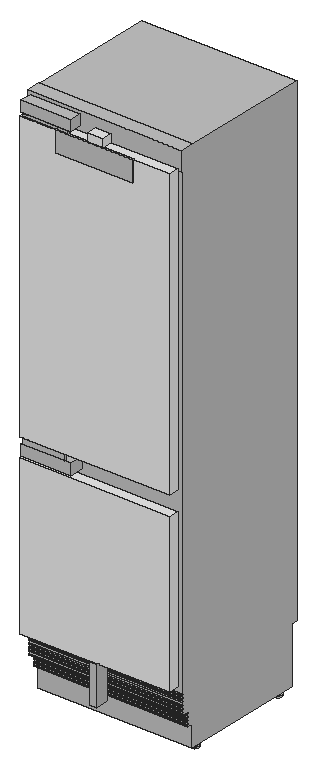
Revit family "FP-Revit18-RS6121WLUK1-FridgeFreezer-0-AS-AU-CN-EU-IE-NZ-SG-UK-90001107A", category Specialty Equipment, Revit 2020 (continued)
Definition of nested family "Handle Contemporary Square - Horizontal"
  Types (7, lengths in mm): name | Handle - Length
    (no name) | 646
    AHD3RD2484W - Contemporary square handle (2 of 2) (Horizontal) 494mm | 494
    AHD3RD3084W - Contemporary square handle (2 of 2) (Horizontal) 646mm | 646
    AHD3RS3272A - Contemporary square handle (2 of 2) (Horizontal) 646mm | 646
    AHD3RS80A - Contemporary square handle (2 of 2) (Horizontal) 646mm | 646
    AHD3RD6121W - Contemporary square handle (2 of 2) (Horizontal) 494mm | 494
    AHD3RD7621W - Contemporary square handle (2 of 2) (Horizontal) 646mm | 646
  Reference planes
    plane 1 "Center (Front/Back)": y = 0
    plane 2: z = 0
    plane 3 "Center (Left/Right)": x = 0
    plane 4 "Product LHS": x = -323
    plane 5 "Product RHS": x = 323
    plane 6 "LHS Standoff": x = -202.995
    plane 7 "RHS Standoff": x = 203.005
  Forms (mm)
    Extrusion 1, solid, material <- "Material - Handle", detail levels fine
      sketch origin (0, 0, 0) x (0, 1, 0) y (0, 0, 1)
        loop
          arc (-28.701, 7.561) -> (-29.057, 7.868) -> (-29.514, 7.978) r 1
          line (-29.514, 7.978) -> (-40.5, 7.978)
          arc (-40.5, 7.978) -> (-41.561, 7.539) -> (-42, 6.478) r 1.5
          line (-42, 6.478) -> (-42, -6.522)
          arc (-42, -6.522) -> (-41.561, -7.583) -> (-40.5, -8.022) r 1.5
          line (-40.5, -8.022) -> (-29.487, -8.022)
          arc (-29.487, -8.022) -> (-29.029, -7.911) -> (-28.673, -7.602) r 1
          arc (-28.673, -7.602) -> (-26.256, -0.016) -> (-28.701, 7.561) r 13.038
      from -323 to 323
    Extrusion 2, solid, material <- "Material - Handle", detail levels fine
      sketch origin (0, 0, 0) x (0, 1, 0) y (0, 0, 1)
        loop
          arc (-28.23, 7.062) -> (-26.156, 0.008) -> (-28.198, -7.056) r 13.136
          arc (-28.198, -7.056) -> (-28.21, -7.463) -> (-27.86, -7.67) r 0.4
          line (-27.86, -7.67) -> (0, -7.67) -> (0, 7.678) -> (-27.893, 7.678)
          arc (-27.893, 7.678) -> (-28.244, 7.47) -> (-28.23, 7.062) r 0.4
      from 203.005 to 323
    Extrusion 3, solid, material <- "Material - Handle", detail levels fine
      sketch origin (0, 0, 0) x (0, 1, 0) y (0, 0, -1)
        loop
          arc (-28.23, -7.062) -> (-28.244, -7.47) -> (-27.893, -7.678) r 0.4
          line (-27.893, -7.678) -> (0, -7.678) -> (0, 7.67) -> (-27.86, 7.67)
          arc (-27.86, 7.67) -> (-28.21, 7.463) -> (-28.198, 7.056) r 0.4
          arc (-28.198, 7.056) -> (-26.156, -0.008) -> (-28.23, -7.062) r 13.136
      from 202.995 to 323
    Sweep 4, void
      path in 3D
        loop
          line (323, -29.514, 7.978) -> (323, -40.5, 7.978)
          arc (323, -40.5, 7.978) -> (323, -41.561, 7.539) -> (323, -42, 6.478) r 1.5
          line (323, -42, 6.478) -> (323, -42, -6.522)
          arc (323, -42, -6.522) -> (323, -41.561, -7.583) -> (323, -40.5, -8.022) r 1.5
          line (323, -40.5, -8.022) -> (323, -29.487, -8.022)
      profile origin (323, -35.007, 7.978) x (1, 0, 0) y (0, 0, 1)
        loop
          line (0, 0) -> (-1.3, 0) -> (0, -1.3) -> (0, 0)
    Sweep 5, void
      path in 3D
        loop
          line (-323, -29.487, -8.022) -> (-323, -40.5, -8.022)
          arc (-323, -40.5, -8.022) -> (-323, -41.561, -7.583) -> (-323, -42, -6.522) r 1.5
          line (-323, -42, -6.522) -> (-323, -42, 6.478)
          arc (-323, -42, 6.478) -> (-323, -41.561, 7.539) -> (-323, -40.5, 7.978) r 1.5
          line (-323, -40.5, 7.978) -> (-323, -29.514, 7.978)
      profile origin (-323, -35.007, 7.978) x (-1, 0, 0) y (0, 0, 1)
        loop
          line (0, 0) -> (-1.3, 0) -> (0, -1.3) -> (0, 0)
    Extrusion 6, void
      sketch origin (0, 0, 0) x (1, 0, 0) y (0, 0, 1)
        loop
          line (323, 7.978) -> (321.7, 7.978) -> (323, 6.678) -> (323, 7.978)
        loop
          line (323, -8.022) -> (323, -6.722) -> (321.7, -8.022) -> (323, -8.022)
      from 0 to 40
    Extrusion 7, void
      sketch origin (0, 0, 0) x (1, 0, 0) y (0, 0, 1)
        loop
          line (-323, 7.978) -> (-323, 6.678) -> (-321.7, 7.978) -> (-323, 7.978)
        loop
          line (-323, -8.022) -> (-321.7, -8.022) -> (-323, -6.722) -> (-323, -8.022)
      from 0 to 40
    Extrusion 8, solid, material <- "Material - Handle", detail levels coarse+medium
      sketch origin (0, 0, 0) x (1, 0, 0) y (0, 1, 0)
        loop
          line (-323, -42) -> (323, -42) -> (323, 0) -> (203.005, 0) -> (203.005, -26.156) -> (-202.995, -26.156) -> (-202.995, 0) -> (-323, 0) -> (-323, -42)
      from -8.022 to 7.978
  Cuts and joins
    Sweep 4, Sweep 5, Extrusion 6, Extrusion 7 cuts Extrusion 1
    Extrusion 6 cuts Extrusion 2
    Extrusion 7 cuts Extrusion 3
  Lines and regions (mm)
    sketch lines
      curve 1: line (323, -29.514, 7.978) -> (323, -40.5, 7.978)
      curve 2: arc (323, -42, 6.478) -> (323, -41.561, 7.539) -> (323, -40.5, 7.978) r 1.5
      curve 3: line (323, -42, 6.478) -> (323, -42, -6.522)
      curve 4: arc (323, -40.5, -8.022) -> (323, -41.561, -7.583) -> (323, -42, -6.522) r 1.5
      curve 5: line (323, -40.5, -8.022) -> (323, -29.487, -8.022)
      curve 6: line (-323, -40.5, 7.978) -> (-323, -29.514, 7.978)
      curve 7: arc (-323, -40.5, 7.978) -> (-323, -41.561, 7.539) -> (-323, -42, 6.478) r 1.5
      curve 8: line (-323, -42, -6.522) -> (-323, -42, 6.478)
      curve 9: arc (-323, -42, -6.522) -> (-323, -41.561, -7.583) -> (-323, -40.5, -8.022) r 1.5
      curve 10: line (-323, -29.487, -8.022) -> (-323, -40.5, -8.022)
  Dimensions and locks
    equal spacing: plane 4 "Product LHS", plane 3 "Center (Left/Right)", plane 5 "Product RHS"
    "Handle - Length": plane 4 "Product LHS" to plane 5 "Product RHS"
    locked: plane 4 "Product LHS" to plane 6 "LHS Standoff" at 120.005
    locked: plane 7 "RHS Standoff" to plane 5 "Product RHS" at 119.995
    aligned and locked: level to plane 2
    aligned and locked: Extrusion 1 to plane 5 "Product RHS"
    aligned and locked: plane 4 "Product LHS" to Extrusion 1
    aligned and locked: Extrusion 2 to plane 5 "Product RHS"
    aligned and locked: plane 4 "Product LHS" to Extrusion 3
    aligned and locked: plane 4 "Product LHS" to Extrusion 8 sketch curve
    aligned and locked: Extrusion 8 sketch curve to plane 5 "Product RHS"
    aligned and locked: Extrusion 8 sketch curve to plane 7 "RHS Standoff"
    aligned and locked: plane 6 "LHS Standoff" to Extrusion 8 sketch curve
    aligned and locked: Extrusion 2 to plane 7 "RHS Standoff"
    aligned and locked: plane 6 "LHS Standoff" to Extrusion 3
  Automatic sketch dimensions
    Extrusion 1 sketch curve to level = 6.522 mm
    plane 1 "Center (Front/Back)" to Extrusion 1 sketch curve = 42 mm
    Extrusion 1 sketch curve to Extrusion 1 sketch curve = 1.5 mm  (x2)
    Extrusion 1 sketch curve to level = 0.04 mm
    Extrusion 1 sketch curve to Extrusion 1 sketch curve = 1.206 mm
    level to Extrusion 1 sketch curve = 6.978 mm
    Extrusion 1 sketch curve to Extrusion 1 sketch curve = 10.986 mm
    Extrusion 1 sketch curve to Extrusion 1 sketch curve = 11.013 mm
    Extrusion 1 sketch curve to Extrusion 1 sketch curve = 1 mm
    level to Extrusion 1 sketch curve = 6.478 mm
    Extrusion 1 sketch curve to Extrusion 1 sketch curve = 0 mm
    Extrusion 2 sketch curve to plane 1 "Center (Front/Back)" = 0 mm
    Extrusion 2 sketch curve to level = 7.67 mm
    Extrusion 2 sketch curve to Extrusion 2 sketch curve = 27.86 mm
    level to Extrusion 2 sketch curve = 7.678 mm
    Extrusion 2 sketch curve to Extrusion 2 sketch curve = 0.033 mm
    Extrusion 2 sketch curve to level = 0.022 mm
    Extrusion 2 sketch curve to Extrusion 2 sketch curve = 11.398 mm
    Extrusion 2 sketch curve to Extrusion 2 sketch curve = 0.4 mm  (x2)
    Extrusion 2 sketch curve to Extrusion 2 sketch curve = 0 mm
    Extrusion 3 sketch curve to plane 1 "Center (Front/Back)" = 0 mm
    Extrusion 3 sketch curve to level = 7.67 mm
    Extrusion 3 sketch curve to Extrusion 3 sketch curve = 27.86 mm
    level to Extrusion 3 sketch curve = 7.678 mm
    Extrusion 3 sketch curve to Extrusion 3 sketch curve = 0.033 mm
    Extrusion 3 sketch curve to level = 0.022 mm
    Extrusion 3 sketch curve to Extrusion 3 sketch curve = 11.398 mm
    Extrusion 3 sketch curve to Extrusion 3 sketch curve = 0.4 mm  (x2)
    Extrusion 3 sketch curve to Extrusion 3 sketch curve = 0 mm
    profile plane to Sweep 4 sketch curve = 0 mm
    Sweep 4 sketch curve to profile plane = 0 mm
    Sweep 4 sketch curve to profile plane = 1.3 mm
    profile plane to Sweep 4 sketch curve = 1.3 mm
    Sweep 5 sketch curve to profile plane = 0 mm  (x2)
    profile plane to Sweep 5 sketch curve = 1.3 mm
    Sweep 5 sketch curve to profile plane = 1.3 mm
    plane 5 "Product RHS" to Extrusion 6 sketch curve = 0 mm  (x2)
    Extrusion 6 sketch curve to Extrusion 6 sketch curve = 1.3 mm  (x4)
    Extrusion 6 sketch curve to level = 6.722 mm
    level to Extrusion 6 sketch curve = 6.678 mm
    plane 4 "Product LHS" to Extrusion 7 sketch curve = 0 mm  (x2)
    Extrusion 7 sketch curve to plane 4 "Product LHS" = 1.3 mm  (x2)
    Extrusion 7 sketch curve to level = 8.022 mm
    level to Extrusion 7 sketch curve = 6.678 mm
    Extrusion 7 sketch curve to Extrusion 7 sketch curve = 1.3 mm  (x2)
    plane 1 "Center (Front/Back)" to Extrusion 8 sketch curve = 0 mm  (x2)
    Extrusion 8 sketch curve to Extrusion 8 sketch curve = 26.156 mm
    Extrusion 8 sketch curve to Extrusion 8 sketch curve = 42 mm
Definition of nested family "F&P Handle Kit - Contemporary Square Fine - Horizontal"
  Parameters (values of type "AHD5RD2484W - Contemporary square fine handle (2 of 2) (Horizontal) 494mm")
    URL = "www.fisherpaykel.com"
    Material - Handle = none
    Manufacturer = "Fisher & Paykel Appliances"
    Handle - Length = 494 mm
    Default Elevation = 0 mm
  Types (15, lengths in mm): name | Handle - Length
    (no name) | 494
    AHD5RD2484W - Contemporary square fine handle (2 of 2) (Horizontal) 494mm | 494
    AHD5RD2484WB - Contemporary square fine black handle (2 of 2) (Horizontal) 494mm | 494
    AHD5RD3084W - Contemporary square fine handle (2 of 2) (Horizontal) 646mm | 646
    AHD5RD3084WB - Contemporary square fine black handle (2 of 2) (Horizontal) 646mm | 646
    AHD5RD7621W - Contemporary square fine handle (2 of 2) (Horizontal) 646mm | 646
    AHD5RD7621WB - Contemporary square fine handle black (2 of 2) (Horizontal) 646mm | 646
    AHD5RD6121W - Contemporary square fine handle (2 of 2) (Horizontal) 494mm | 494
    AHD5RD6121WB - Contemporary square fine handle black (2 of 2) (Horizontal) 494mm | 494
    AHD5RD36A - Contemporary square fine handle (2 of 2) (Horizontal) 746mm | 746
    AHD5RD36AB - Contemporary square fine black handle (2 of 2) (Horizontal) 746mm | 746
    AHD5RD90A - Contemporary square fine handle (2 of 2) (Horizontal) 746mm | 746
    AHD5RD80A - Contemporary square fine handle (2 of 2) (Horizontal) 646mm | 646
    AHD5RD80AB - Contemporary square fine black handle (2 of 2) (Horizontal) 646mm | 646
    AHD5RD90AB - Contemporary square fine black handle (2 of 2) (Horizontal) 746mm | 746
  Reference planes
    plane 1 "Center (Front/Back)": y = 0
    plane 2: z = 0
    plane 3 "Center (Left/Right)": x = 0
    plane 4 "Product LHS": x = -247
    plane 5 "Product RHS": x = 247
    plane 6 "LHS Standoff": x = -126.995
    plane 7 "RHS Standoff": x = 127.005
  Forms (mm)
    Extrusion 1, solid, material <- "Material - Handle", detail levels fine
      sketch origin (0, 0, 0) x (0, 1, 0) y (0, 0, 1)
        loop
          arc (-26.813, 6.16) -> (-27.196, 6.554) -> (-27.728, 6.686) r 1
          line (-27.728, 6.686) -> (-40.035, 6.256)
          arc (-40.035, 6.256) -> (-40.719, 5.951) -> (-41, 5.257) r 1
          line (-41, 5.257) -> (-41, -5.257)
          arc (-41, -5.257) -> (-40.719, -5.951) -> (-40.035, -6.256) r 1
          line (-40.035, -6.256) -> (-27.709, -6.686)
          arc (-27.709, -6.686) -> (-27.175, -6.554) -> (-26.792, -6.158) r 1
          arc (-26.792, -6.158) -> (-25.256, 0.004) -> (-26.813, 6.16) r 13.038
      from -247 to 247
    Extrusion 2, solid, material <- "Material - Handle", detail levels fine
      sketch origin (0, 0, 0) x (0, 1, 0) y (0, 0, 1)
        loop
          arc (-26.626, -6.008) -> (-26.614, -6.49) -> (-26.2, -6.737) r 0.5
          line (-26.2, -6.737) -> (0, -7.696) -> (0, 7.704) -> (-26.174, 6.747)
          arc (-26.174, 6.747) -> (-26.587, 6.5) -> (-26.6, 6.019) r 0.5
          arc (-26.6, 6.019) -> (-25.156, 0.002) -> (-26.626, -6.008) r 13.136
      from 127.005 to 247
    Extrusion 3, solid, material <- "Material - Handle", detail levels coarse+medium
      sketch origin (0, 0, 0) x (1, 0, 0) y (0, 1, 0)
        loop
          line (-247, -42) -> (247, -42) -> (247, 0) -> (127.005, 0) -> (127.005, -26.156) -> (-126.995, -26.156) -> (-126.995, 0) -> (-247, 0) -> (-247, -42)
      from -8.022 to 7.978
    Extrusion 4, solid, material <- "Material - Handle", detail levels fine
      sketch origin (0, 0, 0) x (0, 1, 0) y (0, 0, 1)
        loop
          arc (-26.626, -6.008) -> (-26.614, -6.49) -> (-26.2, -6.737) r 0.5
          line (-26.2, -6.737) -> (0, -7.696) -> (0, 7.704) -> (-26.174, 6.747)
          arc (-26.174, 6.747) -> (-26.587, 6.5) -> (-26.6, 6.019) r 0.5
          arc (-26.6, 6.019) -> (-25.156, 0.002) -> (-26.626, -6.008) r 13.136
      from -247 to -126.995
  Dimensions and locks
    equal spacing: plane 4 "Product LHS", plane 3 "Center (Left/Right)", plane 5 "Product RHS"
    "Handle - Length": plane 4 "Product LHS" to plane 5 "Product RHS"
    locked: plane 4 "Product LHS" to plane 6 "LHS Standoff" at 120.005
    locked: plane 7 "RHS Standoff" to plane 5 "Product RHS" at 119.995
    aligned and locked: level to plane 2
    aligned and locked: Extrusion 1 to plane 5 "Product RHS"
    aligned and locked: plane 4 "Product LHS" to Extrusion 1
    aligned and locked: Extrusion 2 to plane 5 "Product RHS"
    aligned and locked: plane 4 "Product LHS" to Extrusion 3 sketch curve
    aligned and locked: Extrusion 3 sketch curve to plane 5 "Product RHS"
    aligned and locked: Extrusion 3 sketch curve to plane 7 "RHS Standoff"
    aligned and locked: plane 6 "LHS Standoff" to Extrusion 3 sketch curve
    aligned and locked: plane 4 "Product LHS" to Extrusion 4
    aligned and locked: plane 6 "LHS Standoff" to Extrusion 4
    aligned and locked: Extrusion 2 to plane 7 "RHS Standoff"
  Automatic sketch dimensions
    Extrusion 1 sketch curve to level = 5.257 mm
    plane 1 "Center (Front/Back)" to Extrusion 1 sketch curve = 41 mm
    level to Extrusion 1 sketch curve = 6.256 mm
    Extrusion 1 sketch curve to Extrusion 1 sketch curve = 0.965 mm  (x2)
    Extrusion 1 sketch curve to level = 6.256 mm
    Extrusion 1 sketch curve to Extrusion 1 sketch curve = 0.035 mm  (x3)
    Extrusion 1 sketch curve to level = 0.018 mm
    Extrusion 1 sketch curve to Extrusion 1 sketch curve = 1.706 mm
    level to Extrusion 1 sketch curve = 6.686 mm
    Extrusion 1 sketch curve to Extrusion 1 sketch curve = 12.307 mm
    Extrusion 1 sketch curve to level = 6.686 mm
    Extrusion 1 sketch curve to Extrusion 1 sketch curve = 12.326 mm
    Extrusion 1 sketch curve to Extrusion 1 sketch curve = 0.999 mm  (x2)
    Extrusion 1 sketch curve to Extrusion 1 sketch curve = 0 mm
    Extrusion 2 sketch curve to plane 1 "Center (Front/Back)" = 0 mm
    level to Extrusion 2 sketch curve = 6.247 mm
    plane 1 "Center (Front/Back)" to Extrusion 2 sketch curve = 26.155 mm
    level to Extrusion 2 sketch curve = 6.747 mm
    Extrusion 2 sketch curve to Extrusion 2 sketch curve = 0.018 mm  (x2)
    Extrusion 2 sketch curve to level = 6.238 mm
    Extrusion 2 sketch curve to Extrusion 2 sketch curve = 0.026 mm
    Extrusion 2 sketch curve to level = 6.737 mm
    level to Extrusion 2 sketch curve = 0.03 mm
    Extrusion 2 sketch curve to Extrusion 2 sketch curve = 12.11 mm
    Extrusion 2 sketch curve to level = 7.696 mm
    level to Extrusion 2 sketch curve = 7.704 mm
    Extrusion 2 sketch curve to Extrusion 2 sketch curve = 0 mm
    plane 1 "Center (Front/Back)" to Extrusion 3 sketch curve = 42 mm
    Extrusion 3 sketch curve to Extrusion 3 sketch curve = 15.844 mm
    Extrusion 3 sketch curve to Extrusion 3 sketch curve = 26.156 mm  (x2)
    level to Extrusion 4 sketch curve = 0.03 mm
    plane 1 "Center (Front/Back)" to Extrusion 4 sketch curve = 38.291 mm
    Extrusion 4 sketch curve to level = 6.737 mm
    Extrusion 4 sketch curve to Extrusion 4 sketch curve = 12.091 mm
    Extrusion 4 sketch curve to Extrusion 4 sketch curve = 0.018 mm  (x2)
    level to Extrusion 4 sketch curve = 6.747 mm
    Extrusion 4 sketch curve to Extrusion 4 sketch curve = 0.008 mm
    level to Extrusion 4 sketch curve = 7.704 mm
    Extrusion 4 sketch curve to Extrusion 4 sketch curve = 26.174 mm
    Extrusion 4 sketch curve to level = 7.696 mm
    Extrusion 4 sketch curve to Extrusion 4 sketch curve = 0.5 mm  (x2)
    Extrusion 4 sketch curve to Extrusion 4 sketch curve = 0 mm
Definition of nested family "Visibility Control Note 18"
  Types (3): name
    New
    Resolved
    Active
  Reference planes
    plane 1: y = 0
    plane 2: x = 0
  Text (mm)
    text "Edit Type: \nTo control handle kit \nand door panel visibility\n options\n\nDelete unwanted kits \nto reduce file size" at (-0.165, 35.556, 0)
